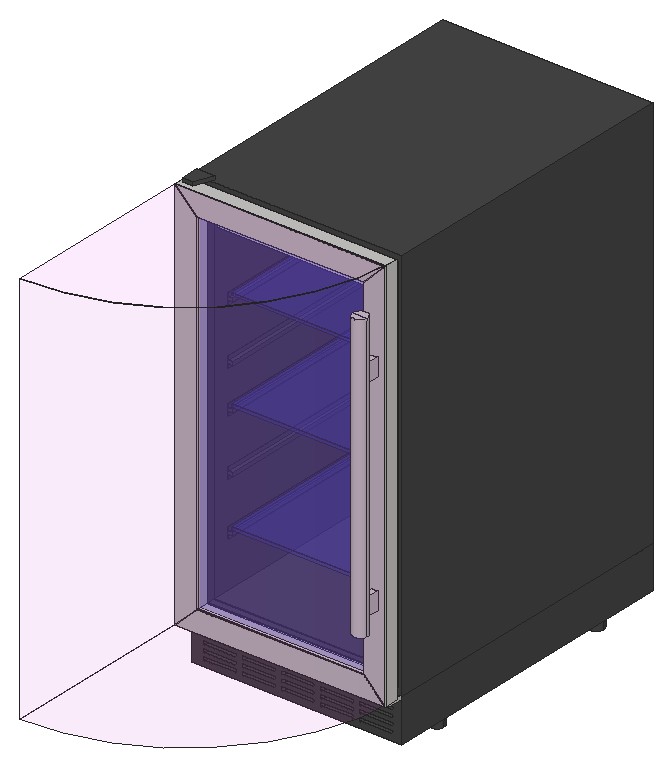
Revit family "QF_Summit_ALBV15_Built_In_Undercounter_Beverage_Cooler", category Specialty Equipment, Revit 2020
Family settings
  Round Connector Dimension = Use Diameter
  Part Type = Normal
  Work Plane-Based = No
  Always vertical = Yes
  Cut with Voids When Loaded = No
  Shared = No
  Room Calculation Point = No
Parameters
  Weight in Pounds = 68
  Watts = Volts * FL Amps  # 115 W
  Volts = 115 V
  URL Cutsheet = ""
  Specification by User = ""
  Specification by Manufacturer = ""
  Show RHD [instance] = not(Show LHD)  # yes
  Show LHD [instance] = no
  Show Clearance [instance] = yes
  Serial Number = ""
  Seismic Rating = ""
  SMACNA No = ""
  Revision Code = ""
  Refrigerant Volume = 0.00 kip
  Refrigerant Type = "R600a"
  Phase = 1
  Number of Poles = 1
  NAFEM Spec ID Number = ""
  Model = "ALBV15"
  Min Ckt Ampacity = 0 A
  Max Overcurrent Protection = 0 A
  Masterspec = ""
  Manufacturer = "Summit"
  Length = 14 3/4"
  Item Number = ""
  Installed By = ""
  Identify Quantity as Lot = yes
  Height = 31 1/2"
  HP = ""
  Furnished By = ""
  Foodservice Equipment Identifier = yes
  FL Amps = 1 A
  Electrical Remarks = ""
  Electric Connection Type = ""
  Elec Conn RI Height = 0"
  Elec Conn Connection Height = 0"
  Description = "Built In Undercounter Beverage Cooler"
  Depth = 23 1/2"
  Default Elevation = 0"
  Cycle = 60 Hz
  Conn Plug = ""
  Conn Conduit = yes
  CSI MasterFormat = ""
  BTUH = 0.0 Btu/h
  Apparent Power = 0 VA
Reference planes (in)
  plane 1 "BACK": y = 0
  plane 2: z = 0
  plane 3 "LEFT": x = 0
  plane 4 "RIGHT": x = 14.75
  plane 5 "FRONT": y = -23.5
  plane 6 "TOP": z = 31.5
  plane 7 "Center Y": x = 7.375
  plane 8 "Center X": y = -11.75
Dimensions and locks (in)
  equal spacing: plane 3 "LEFT", plane 7 "Center Y", plane 4 "RIGHT"
  "Length": plane 3 "LEFT" to plane 4 "RIGHT"
  equal spacing: plane 5 "FRONT", plane 8 "Center X", plane 1 "BACK"
  "Depth": plane 5 "FRONT" to plane 1 "BACK"
  "Height": plane 6 "TOP" to level
  aligned and locked: level to plane 2
Nested families (in)
  nested 1: "ALBV15" at (0, 0, 0), Show Clearance <- "Show Clearance", Show RHD <- "Show RHD", Show LHD <- "Show LHD", type "ALBV15"
    with Show RHD yes, Show LHD no, Show Clearance yes
Connectors (in)
  electrical at (11.75, 0.03125, 1.83046), driven by "Volts", driven by "Watts"
    settings: on nested 1, index 1, voltage 115 V, apparent load 115 VA, apparent load phase1 0 VA, apparent load phase2 0 VA, apparent load phase3 0 VA, power factor 1, load classification "Other", number of poles 1, system type 30, power factor state 1, is connector primary yes, connector utility no, sub classification motor no, connector description "ELECTRICAL CONNECTION"
Definition of nested family "ALBV15"
  Parameters (values of type "ALBV15")
    Weight in Pounds = 0
    URL Cutsheet = ""
    Specification by User = ""
    Specification by Manufacturer = ""
    Show RHD [instance] = yes
    Show LHD [instance] = yes
    Show Clearance [instance] = yes
    Serial Number = ""
    Seismic Rating = ""
    SMACNA No = ""
    Revision Code = ""
    NAFEM Spec ID Number = ""
    Masterspec = ""
    Length = 14 3/4"
    Item Number = ""
    Installed By = ""
    Identify Quantity as Lot = yes
    Height = 31 1/2"
    Furnished By = ""
    Foodservice Equipment Identifier = yes
    Depth = 23 1/2"
    Default Elevation = 0"
    CSI MasterFormat = ""
  Reference planes (in)
    plane 1 "BACK": y = 0
    plane 2: z = 0
    plane 3 "LEFT": x = 0
    plane 4 "RIGHT": x = 14.75
    plane 5 "FRONT": y = -23.5
    plane 6 "TOP": z = 31.5
    plane 7 "Center Y": x = 7.375
    plane 8 "Center X": y = -11.75
    plane 9: y = -37.13
  Forms (in)
    Extrusion 1, solid
      sketch origin (-10.61919, -180, 0.75) x (-1, 0, 0) y (0, -1, 0)
        loop
          line (-10.61919, -180) -> (-10.61919, -158) -> (-25.36919, -158) -> (-25.36919, -180) -> (-10.61919, -180)
      from 0 to 3
    Extrusion 2, solid
      sketch origin (-10.61919, -180, 3.75) x (-1, 0, 0) y (0, -1, 0)
        loop
          line (-10.61919, -180) -> (-10.61919, -158) -> (-25.36919, -158) -> (-25.36919, -180) -> (-10.61919, -180)
      from 0 to 27.75
    Extrusion 3, solid
      sketch origin (-2.3403, -180, 4.20581) x (-1, 0, 0) y (0, -1, 0)
        loop
          line (-2.66576, -158) -> (-2.66576, -157.5) -> (-16.76608, -157.5) -> (-16.76608, -158) -> (-2.66576, -158)
      from 0 to 26.83838
    Extrusion 4, solid
      sketch origin (-10.61919, -180, 3.75) x (0, -1, 0) y (-1, 0, 0)
        loop
          line (-157.5, -10.61919) -> (-157.5, -25.36919) -> (-156.57682, -25.36919) -> (-156.57682, -10.61919) -> (-157.5, -10.61919)
      from 0 to -27.75
    Extrusion 5, solid
      sketch origin (14.32547, -23.42318, 3.75) x (-1, 0, 0) y (0, 0, -1)
        loop
          line (14.32547, -27.75) -> (14.32547, 0) -> (12.82547, -1.5) -> (12.82547, -26.25) -> (14.32547, -27.75)
      from 0 to 0.07682
    Extrusion 6, solid
      sketch origin (14.32547, -23.42318, 3.75) x (-1, 0, 0) y (0, 0, -1)
        loop
          line (12.82547, -26.25) -> (1.07547, -26.25) -> (-0.42453, -27.75) -> (14.32547, -27.75) -> (12.82547, -26.25)
      from 0 to 0.07682
    Extrusion 7, solid
      sketch origin (14.32547, -23.42318, 3.75) x (-1, 0, 0) y (0, 0, -1)
        loop
          line (1.07547, -26.25) -> (1.07547, -1.5) -> (-0.42453, 0) -> (-0.42453, -27.75) -> (1.07547, -26.25)
      from 0 to 0.07682
    Extrusion 8, solid
      sketch origin (14.32547, -23.42318, 3.75) x (-1, 0, 0) y (0, 0, -1)
        loop
          line (12.82547, -1.5) -> (14.32547, 0) -> (-0.42453, 0) -> (1.07547, -1.5) -> (12.82547, -1.5)
      from 0 to 0.07682
    Extrusion 9, void
      sketch origin (0.32547, -22.5, 3.75) x (-1, 0, 0) y (0, 0, -1)
        loop
          line (-1.17453, -26.25) -> (-1.17453, -1.5) -> (-12.92453, -1.5) -> (-12.92453, -26.25) -> (-1.17453, -26.25)
      from 0 to 1
    Extrusion 10, void
      sketch origin (1.5, -23.42318, 5.25) x (0, 1, 0) y (1, 0, 0)
        loop
          line (0.92318, 0) -> (18.67318, 0)
          arc (18.67318, 0) -> (19.02674, 0.14645) -> (19.17318, 0.5) r 0.5
          line (19.17318, 0.5) -> (19.17318, 11.25)
          arc (19.17318, 11.25) -> (19.02674, 11.60355) -> (18.67318, 11.75) r 0.5
          line (18.67318, 11.75) -> (0.92318, 11.75) -> (0.92318, 0)
      from 0 to -24.75
    Extrusion 11, solid
      sketch origin (0, -21.76171, 33.60708) x (0, 0, 1) y (1, 0, 0)
        loop
          line (-3.73208, 1.5) -> (-3.73208, 13.25) -> (-5.04286, 13.25) -> (-5.04286, 1.5) -> (-3.73208, 1.5)
      from 0 to 0.5
    Extrusion 12, solid
      sketch origin (0, -20.80809, 37.71396) x (0, 0, 1) y (1, 0, 0)
        loop
          line (-13.64975, 1.5) -> (-13.64975, 1.625) -> (-13.89975, 1.625) -> (-13.89975, 1.875) -> (-14.14975, 1.875) -> (-14.14975, 1.625) -> (-14.39975, 1.625) -> (-14.39975, 1.5) -> (-13.64975, 1.5)
        loop
          line (-17.64975, 1.5) -> (-17.64975, 1.625) -> (-17.89975, 1.625) -> (-17.89975, 1.875) -> (-18.14975, 1.875) -> (-18.14975, 1.625) -> (-18.39975, 1.625) -> (-18.39975, 1.5) -> (-17.64975, 1.5)
        loop
          line (-20.64975, 1.5) -> (-20.64975, 1.625) -> (-20.89975, 1.625) -> (-20.89975, 1.875) -> (-21.14975, 1.875) -> (-21.14975, 1.625) -> (-21.39975, 1.625) -> (-21.39975, 1.5) -> (-20.64975, 1.5)
        loop
          line (-24.64975, 1.5) -> (-24.64975, 1.625) -> (-24.89975, 1.625) -> (-24.89975, 1.875) -> (-25.14975, 1.875) -> (-25.14975, 1.625) -> (-25.39975, 1.625) -> (-25.39975, 1.5) -> (-24.64975, 1.5)
        loop
          line (-28.39975, 1.5) -> (-28.39975, 1.625) -> (-28.64975, 1.625) -> (-28.64975, 1.875) -> (-28.89975, 1.875) -> (-28.89975, 1.625) -> (-29.14975, 1.625) -> (-29.14975, 1.5) -> (-28.39975, 1.5)
        loop
          line (-13.64975, 13.25) -> (-14.39975, 13.25) -> (-14.39975, 13.125) -> (-14.14975, 13.125) -> (-14.14975, 12.875) -> (-13.89975, 12.875) -> (-13.89975, 13.125) -> (-13.64975, 13.125) -> (-13.64975, 13.25)
        loop
          line (-17.64975, 13.25) -> (-18.39975, 13.25) -> (-18.39975, 13.125) -> (-18.14975, 13.125) -> (-18.14975, 12.875) -> (-17.89975, 12.875) -> (-17.89975, 13.125) -> (-17.64975, 13.125) -> (-17.64975, 13.25)
        loop
          line (-20.64975, 13.25) -> (-21.39975, 13.25) -> (-21.39975, 13.125) -> (-21.14975, 13.125) -> (-21.14975, 12.875) -> (-20.89975, 12.875) -> (-20.89975, 13.125) -> (-20.64975, 13.125) -> (-20.64975, 13.25)
        loop
          line (-24.64975, 13.25) -> (-25.39975, 13.25) -> (-25.39975, 13.125) -> (-25.14975, 13.125) -> (-25.14975, 12.875) -> (-24.89975, 12.875) -> (-24.89975, 13.125) -> (-24.64975, 13.125) -> (-24.64975, 13.25)
        loop
          line (-28.39975, 13.25) -> (-29.14975, 13.25) -> (-29.14975, 13.125) -> (-28.89975, 13.125) -> (-28.89975, 12.875) -> (-28.64975, 12.875) -> (-28.64975, 13.125) -> (-28.39975, 13.125) -> (-28.39975, 13.25)
      from 0 to 15.33182
    Extrusion 13, solid
      sketch origin (1.75, -20.80809, 23.81422) x (1, 0, 0) y (0, 1, 0)
        loop
          line (-0.03235, 15.17523) -> (-0.03235, 0.10765) -> (11.2774, 0.10765) -> (11.2774, 15.17523) -> (-0.03235, 15.17523)
      from 0 to 0.25
    Extrusion 14, solid
      sketch origin (1.75, -20.80809, 16.81422) x (1, 0, 0) y (0, 1, 0)
        loop
          line (-0.03235, 15.17523) -> (-0.03235, 0.10765) -> (11.2774, 0.10765) -> (11.2774, 15.17523) -> (-0.03235, 15.17523)
      from 0 to 0.25
    Extrusion 15, solid
      sketch origin (1.75, -20.80809, 9.06422) x (1, 0, 0) y (0, 1, 0)
        loop
          line (-0.03235, 15.17523) -> (-0.03235, 0.10765) -> (11.2774, 0.10765) -> (11.2774, 15.17523) -> (-0.03235, 15.17523)
      from 0 to 0.25
    Extrusion 16, solid
      sketch origin (13.25, -22.5, 5.25) x (-1, 0, 0) y (0, -1, 0)
        loop
          line (11.75, 0.21159) -> (11.75, 0.71159) -> (0, 0.71159) -> (0, 0.21159) -> (11.75, 0.21159)
      from 0 to 24.75
    Extrusion 17, solid
      sketch origin (0, 0, 0.75) x (1, 0, 0) y (0, 0, -1)
        loop
          circle (11.75, -1.08046) r 0.25
      from 0 to 0.03125
    Extrusion 18, solid, visible <- "Show LHD"
      sketch origin (14.32547, -23.5, 3.75) x (-1, 0, 0) y (0, 0, -1)
        loop
          line (13.7802, -21.85286) -> (13.7802, -20.60286) -> (13.37074, -20.60286) -> (13.37074, -21.85286) -> (13.7802, -21.85286)
        loop
          line (13.7802, -5.89714) -> (13.37074, -5.89714) -> (13.37074, -7.14714) -> (13.7802, -7.14714) -> (13.7802, -5.89714)
      from 0 to 1.25427
    Revolve 19, solid, visible <- "Show LHD"
      sketch origin (0.54527, -24.75, 48) x (-1, 0, 0) y (0, 0, 1)
        loop
          line (-0.20473, -39.31621) -> (-0.20473, -19.31621) -> (-0.70473, -19.31621) -> (-0.70473, -39.31621) -> (-0.20473, -39.31621)
        axis (-0.20473, -19.31621) -> (-0.20473, -39.31621)
      angle from 0 to 360
    Extrusion 20, solid, visible <- "Show LHD"
      sketch origin (-10.61919, -180, 31.5) x (-1, 0, 0) y (0, -1, 0)
        loop
          line (-25.24762, -158.2341) -> (-23.94108, -158.2341) -> (-24.49762, -156.9841) -> (-25.24762, -156.9841) -> (-25.24762, -158.2341)
      from 0 to 0.25
    Extrusion 21, solid
      sketch origin (-10.61919, -180, 3.75) x (0, 1, 0) y (1, 0, 0)
        loop
          line (158.2341, 25.24762) -> (156.9841, 25.24762) -> (156.9841, 24.49762) -> (158.2341, 23.94108) -> (158.2341, 25.24762)
      from 0 to 0.25
    Revolve 22, solid
      sketch origin (0, -18, 0) x (1, 0, 0) y (0, 0, 1)
        loop
          line (0.75, 0.75) -> (0.75, 0) -> (1.25, 0) -> (1.25, 0.5) -> (1, 0.5) -> (1, 0.75) -> (0.75, 0.75)
        axis (0.75, 0.75) -> (0.75, 0)
      angle from 0 to 360
    Revolve 23, solid
      sketch origin (14.75, -18, 0) x (-1, 0, 0) y (0, 0, 1)
        loop
          line (0.75, 0.75) -> (0.75, 0) -> (1.25, 0) -> (1.25, 0.5) -> (1, 0.5) -> (1, 0.75) -> (0.75, 0.75)
        axis (0.75, 0.75) -> (0.75, 0)
      angle from 0 to 360
    Revolve 24, solid
      sketch origin (0, -4, 0) x (1, 0, 0) y (0, 0, 1)
        loop
          line (0.75, 0.75) -> (0.75, 0) -> (1.25, 0) -> (1.25, 0.5) -> (1, 0.5) -> (1, 0.75) -> (0.75, 0.75)
        axis (0.75, 0.75) -> (0.75, 0)
      angle from 0 to 360
    Revolve 25, solid
      sketch origin (14.75, -4, 0) x (-1, 0, 0) y (0, 0, 1)
        loop
          line (0.75, 0.75) -> (0.75, 0) -> (1.25, 0) -> (1.25, 0.5) -> (1, 0.5) -> (1, 0.75) -> (0.75, 0.75)
        axis (0.75, 0.75) -> (0.75, 0)
      angle from 0 to 360
    Extrusion 26, solid, visible <- "Show LHD"
      sketch origin (-10.61919, -180, 3.75) x (1, 0, 0) y (0, -1, 0)
        loop
          line (25.36919, -157.5) -> (25.36919, -142.87)
          arc (25.36919, -142.87) -> (14.98156, -147.14766) -> (10.61919, -157.5) r 14.75
          line (10.61919, -157.5) -> (25.36919, -157.5)
      from 0 to -27.75
    Extrusion 27, void
      sketch origin (14.75, -22, 0.75) x (1, 0, 0) y (0, 0, -1)
        loop
          line (-13.84453, -2.67099) -> (-11.73224, -2.67099)
          arc (-11.73224, -2.67099) -> (-11.60724, -2.54599) -> (-11.73224, -2.42099) r 0.125
          line (-11.73224, -2.42099) -> (-13.84453, -2.42099)
          arc (-13.84453, -2.42099) -> (-13.96953, -2.54599) -> (-13.84453, -2.67099) r 0.125
        loop
          line (-13.84453, -2.17099) -> (-11.73224, -2.17099)
          arc (-11.73224, -2.17099) -> (-11.60724, -2.04599) -> (-11.73224, -1.92099) r 0.125
          line (-11.73224, -1.92099) -> (-13.84453, -1.92099)
          arc (-13.84453, -1.92099) -> (-13.96953, -2.04599) -> (-13.84453, -2.17099) r 0.125
        loop
          line (-13.84453, -1.67099) -> (-11.73224, -1.67099)
          arc (-11.73224, -1.67099) -> (-11.60724, -1.54599) -> (-11.73224, -1.42099) r 0.125
          line (-11.73224, -1.42099) -> (-13.84453, -1.42099)
          arc (-13.84453, -1.42099) -> (-13.96953, -1.54599) -> (-13.84453, -1.67099) r 0.125
        loop
          line (-13.84453, -1.17099) -> (-11.73224, -1.17099)
          arc (-11.73224, -1.17099) -> (-11.60724, -1.04599) -> (-11.73224, -0.92099) r 0.125
          line (-11.73224, -0.92099) -> (-13.84453, -0.92099)
          arc (-13.84453, -0.92099) -> (-13.96953, -1.04599) -> (-13.84453, -1.17099) r 0.125
        loop
          line (-13.84453, -0.67099) -> (-11.73224, -0.67099)
          arc (-11.73224, -0.67099) -> (-11.60724, -0.54599) -> (-11.73224, -0.42099) r 0.125
          line (-11.73224, -0.42099) -> (-13.84453, -0.42099)
          arc (-13.84453, -0.42099) -> (-13.96953, -0.54599) -> (-13.84453, -0.67099) r 0.125
        loop
          line (-11.09453, -2.67099) -> (-8.98224, -2.67099)
          arc (-8.98224, -2.67099) -> (-8.85724, -2.54599) -> (-8.98224, -2.42099) r 0.125
          line (-8.98224, -2.42099) -> (-11.09453, -2.42099)
          arc (-11.09453, -2.42099) -> (-11.21953, -2.54599) -> (-11.09453, -2.67099) r 0.125
        loop
          line (-11.09453, -2.17099) -> (-8.98224, -2.17099)
          arc (-8.98224, -2.17099) -> (-8.85724, -2.04599) -> (-8.98224, -1.92099) r 0.125
          line (-8.98224, -1.92099) -> (-11.09453, -1.92099)
          arc (-11.09453, -1.92099) -> (-11.21953, -2.04599) -> (-11.09453, -2.17099) r 0.125
        loop
          line (-11.09453, -1.67099) -> (-8.98224, -1.67099)
          arc (-8.98224, -1.67099) -> (-8.85724, -1.54599) -> (-8.98224, -1.42099) r 0.125
          line (-8.98224, -1.42099) -> (-11.09453, -1.42099)
          arc (-11.09453, -1.42099) -> (-11.21953, -1.54599) -> (-11.09453, -1.67099) r 0.125
        loop
          line (-11.09453, -1.17099) -> (-8.98224, -1.17099)
          arc (-8.98224, -1.17099) -> (-8.85724, -1.04599) -> (-8.98224, -0.92099) r 0.125
          line (-8.98224, -0.92099) -> (-11.09453, -0.92099)
          arc (-11.09453, -0.92099) -> (-11.21953, -1.04599) -> (-11.09453, -1.17099) r 0.125
        loop
          line (-11.09453, -0.67099) -> (-8.98224, -0.67099)
          arc (-8.98224, -0.67099) -> (-8.85724, -0.54599) -> (-8.98224, -0.42099) r 0.125
          line (-8.98224, -0.42099) -> (-11.09453, -0.42099)
          arc (-11.09453, -0.42099) -> (-11.21953, -0.54599) -> (-11.09453, -0.67099) r 0.125
        loop
          line (-8.34453, -2.67099) -> (-6.23224, -2.67099)
          arc (-6.23224, -2.67099) -> (-6.10724, -2.54599) -> (-6.23224, -2.42099) r 0.125
          line (-6.23224, -2.42099) -> (-8.34453, -2.42099)
          arc (-8.34453, -2.42099) -> (-8.46953, -2.54599) -> (-8.34453, -2.67099) r 0.125
        loop
          line (-8.34453, -2.17099) -> (-6.23224, -2.17099)
          arc (-6.23224, -2.17099) -> (-6.10724, -2.04599) -> (-6.23224, -1.92099) r 0.125
          line (-6.23224, -1.92099) -> (-8.34453, -1.92099)
          arc (-8.34453, -1.92099) -> (-8.46953, -2.04599) -> (-8.34453, -2.17099) r 0.125
        loop
          line (-8.34453, -1.67099) -> (-6.23224, -1.67099)
          arc (-6.23224, -1.67099) -> (-6.10724, -1.54599) -> (-6.23224, -1.42099) r 0.125
          line (-6.23224, -1.42099) -> (-8.34453, -1.42099)
          arc (-8.34453, -1.42099) -> (-8.46953, -1.54599) -> (-8.34453, -1.67099) r 0.125
        loop
          line (-8.34453, -1.17099) -> (-6.23224, -1.17099)
          arc (-6.23224, -1.17099) -> (-6.10724, -1.04599) -> (-6.23224, -0.92099) r 0.125
          line (-6.23224, -0.92099) -> (-8.34453, -0.92099)
          arc (-8.34453, -0.92099) -> (-8.46953, -1.04599) -> (-8.34453, -1.17099) r 0.125
        loop
          line (-8.34453, -0.67099) -> (-6.23224, -0.67099)
          arc (-6.23224, -0.67099) -> (-6.10724, -0.54599) -> (-6.23224, -0.42099) r 0.125
          line (-6.23224, -0.42099) -> (-8.34453, -0.42099)
          arc (-8.34453, -0.42099) -> (-8.46953, -0.54599) -> (-8.34453, -0.67099) r 0.125
        loop
          line (-5.59453, -2.67099) -> (-3.48224, -2.67099)
          arc (-3.48224, -2.67099) -> (-3.35724, -2.54599) -> (-3.48224, -2.42099) r 0.125
          line (-3.48224, -2.42099) -> (-5.59453, -2.42099)
          arc (-5.59453, -2.42099) -> (-5.71953, -2.54599) -> (-5.59453, -2.67099) r 0.125
        loop
          line (-5.59453, -2.17099) -> (-3.48224, -2.17099)
          arc (-3.48224, -2.17099) -> (-3.35724, -2.04599) -> (-3.48224, -1.92099) r 0.125
          line (-3.48224, -1.92099) -> (-5.59453, -1.92099)
          arc (-5.59453, -1.92099) -> (-5.71953, -2.04599) -> (-5.59453, -2.17099) r 0.125
        loop
          line (-5.59453, -1.67099) -> (-3.48224, -1.67099)
          arc (-3.48224, -1.67099) -> (-3.35724, -1.54599) -> (-3.48224, -1.42099) r 0.125
          line (-3.48224, -1.42099) -> (-5.59453, -1.42099)
          arc (-5.59453, -1.42099) -> (-5.71953, -1.54599) -> (-5.59453, -1.67099) r 0.125
        loop
          line (-5.59453, -1.17099) -> (-3.48224, -1.17099)
          arc (-3.48224, -1.17099) -> (-3.35724, -1.04599) -> (-3.48224, -0.92099) r 0.125
          line (-3.48224, -0.92099) -> (-5.59453, -0.92099)
          arc (-5.59453, -0.92099) -> (-5.71953, -1.04599) -> (-5.59453, -1.17099) r 0.125
        loop
          line (-5.59453, -0.67099) -> (-3.48224, -0.67099)
          arc (-3.48224, -0.67099) -> (-3.35724, -0.54599) -> (-3.48224, -0.42099) r 0.125
          line (-3.48224, -0.42099) -> (-5.59453, -0.42099)
          arc (-5.59453, -0.42099) -> (-5.71953, -0.54599) -> (-5.59453, -0.67099) r 0.125
        loop
          line (-2.84453, -2.67099) -> (-0.73224, -2.67099)
          arc (-0.73224, -2.67099) -> (-0.60724, -2.54599) -> (-0.73224, -2.42099) r 0.125
          line (-0.73224, -2.42099) -> (-2.84453, -2.42099)
          arc (-2.84453, -2.42099) -> (-2.96953, -2.54599) -> (-2.84453, -2.67099) r 0.125
        loop
          line (-2.84453, -2.17099) -> (-0.73224, -2.17099)
          arc (-0.73224, -2.17099) -> (-0.60724, -2.04599) -> (-0.73224, -1.92099) r 0.125
          line (-0.73224, -1.92099) -> (-2.84453, -1.92099)
          arc (-2.84453, -1.92099) -> (-2.96953, -2.04599) -> (-2.84453, -2.17099) r 0.125
        loop
          line (-2.84453, -1.67099) -> (-0.73224, -1.67099)
          arc (-0.73224, -1.67099) -> (-0.60724, -1.54599) -> (-0.73224, -1.42099) r 0.125
          line (-0.73224, -1.42099) -> (-2.84453, -1.42099)
          arc (-2.84453, -1.42099) -> (-2.96953, -1.54599) -> (-2.84453, -1.67099) r 0.125
        loop
          line (-2.84453, -1.17099) -> (-0.73224, -1.17099)
          arc (-0.73224, -1.17099) -> (-0.60724, -1.04599) -> (-0.73224, -0.92099) r 0.125
          line (-0.73224, -0.92099) -> (-2.84453, -0.92099)
          arc (-2.84453, -0.92099) -> (-2.96953, -1.04599) -> (-2.84453, -1.17099) r 0.125
        loop
          line (-2.84453, -0.67099) -> (-0.73224, -0.67099)
          arc (-0.73224, -0.67099) -> (-0.60724, -0.54599) -> (-0.73224, -0.42099) r 0.125
          line (-0.73224, -0.42099) -> (-2.84453, -0.42099)
          arc (-2.84453, -0.42099) -> (-2.96953, -0.54599) -> (-2.84453, -0.67099) r 0.125
      from 0 to 0.59169
    Extrusion 28, solid, visible <- "Show RHD"
      sketch origin (0.42453, -23.5, 3.75) x (1, 0, 0) y (0, 0, 1)
        loop
          line (13.7802, 21.85286) -> (13.37074, 21.85286) -> (13.37074, 20.60286) -> (13.7802, 20.60286) -> (13.7802, 21.85286)
        loop
          line (13.7802, 5.89714) -> (13.7802, 7.14714) -> (13.37074, 7.14714) -> (13.37074, 5.89714) -> (13.7802, 5.89714)
      from 0 to 1.25427
    Revolve 29, solid, visible <- "Show RHD"
      sketch origin (14.20473, -24.75, 48) x (1, 0, 0) y (0, 0, -1)
        loop
          line (-0.20473, 39.31621) -> (-0.70473, 39.31621) -> (-0.70473, 19.31621) -> (-0.20473, 19.31621) -> (-0.20473, 39.31621)
        axis (-0.20473, 19.31621) -> (-0.20473, 39.31621)
      angle from 0 to 360
    Extrusion 30, solid, visible <- "Show RHD"
      sketch origin (25.36919, -180, 3.75) x (1, 0, 0) y (0, -1, 0)
        loop
          line (-25.36919, -157.5) -> (-10.61919, -157.5)
          arc (-10.61919, -157.5) -> (-14.98156, -147.14766) -> (-25.36919, -142.87) r 14.75
          line (-25.36919, -142.87) -> (-25.36919, -157.5)
      from 0 to -27.75
    Extrusion 31, solid, visible <- "Show RHD"
      sketch origin (25.36919, -180, 31.5) x (1, 0, 0) y (0, 1, 0)
        loop
          line (-25.24762, 158.2341) -> (-25.24762, 156.9841) -> (-24.49762, 156.9841) -> (-23.94108, 158.2341) -> (-25.24762, 158.2341)
      from 0 to 0.25
  Cuts and joins
    Extrusion 9, Extrusion 10 cuts Extrusion 2
    Extrusion 9, Extrusion 10 cuts Extrusion 4
    Extrusion 10, Extrusion 27 cuts Extrusion 1
    Extrusion 27 cuts Extrusion 21
    joined: Extrusion 1, Extrusion 21
    Extrusion 10 cuts Extrusion 3
    joined: Extrusion 18, Revolve 19
    Extrusion 27 cuts Extrusion 17
  Lines and regions (in)
    symbolic lines, visible <- "Show LHD"
      curve 1: arc (0.25, -24.75, 0) -> (0.75, -24.25, 0) -> (1.25, -24.75, 0) r 0.5
      curve 2: arc (1.25, -24.75, 0) -> (0.75, -25.25, 0) -> (0.25, -24.75, 0) r 0.5
      curve 3: line (0.95473, -24.29383, 0) -> (0.95473, -23.5, 0)
      curve 4: line (0.54527, -23.5, 0) -> (0.54527, -24.29383, 0)
      curve 11: line (14.75, -22.5, 0) -> (14.62843, -22.5, 0)
      curve 12: line (0.32547, -22, 0) -> (0.32547, -22.5, 0)
      curve 13: line (0, -22, 0) -> (13.42612, -22, 0)
      curve 17: line (13.64873, -22.5, 0) -> (0, -22.5, 0)
      curve 18: line (14.62843, -22, 0) -> (14.75, -22, 0)
      curve 19: line (14.62843, -21.7659, 0) -> (13.32189, -21.7659, 0)
      curve 20: line (13.32189, -21.7659, 0) -> (13.87843, -23.0159, 0)
      curve 21: line (14.62843, -23.0159, 0) -> (14.62843, -21.7659, 0)
      curve 22: line (13.87843, -23.0159, 0) -> (14.62843, -23.0159, 0)
      curve 23: arc (2.02804, -29.84503, 0) -> (0.53153, -26.30574, 0) -> (0, -22.5, 0) r 14.75
      curve 24: line (14.75, -22.5, 0) -> (2.02804, -29.84503, 0)
    symbolic lines
      curve 5: line (0, -23.5, 0) -> (14.75, -23.5, 0)
      curve 6: line (0, -23.42318, 0) -> (14.75, -23.42318, 0)
      curve 7: line (0, -23.42318, 0) -> (0, -23.5, 0)
      curve 8: line (0, -22.5, 0) -> (0, -23.42318, 0)
      curve 9: line (14.75, -23.5, 0) -> (14.75, -23.42318, 0)
      curve 10: line (14.75, -23.42318, 0) -> (14.75, -22.5, 0)
      curve 14: line (0, 0, 0) -> (0, -22, 0)
      curve 15: line (14.75, -22, 0) -> (14.75, 0, 0)
      curve 16: line (14.75, 0, 0) -> (0, 0, 0)
    symbolic lines, visible <- "Show RHD"
      curve 25: arc (14.5, -24.75, 0) -> (14, -24.25, 0) -> (13.5, -24.75, 0) r 0.5
      curve 26: arc (13.5, -24.75, 0) -> (14, -25.25, 0) -> (14.5, -24.75, 0) r 0.5
      curve 27: line (13.79527, -24.29383, 0) -> (13.79527, -23.5, 0)
      curve 28: line (14.20473, -23.5, 0) -> (14.20473, -24.29383, 0)
      curve 29: arc (12.72196, -29.84503, 0) -> (14.21847, -26.30574, 0) -> (14.75, -22.5, 0) r 14.75
      curve 30: line (0, -22.5, 0) -> (12.72196, -29.84503, 0)
      curve 31: line (0, -22.5, 0) -> (0.12157, -22.5, 0)
      curve 32: line (14.42453, -22, 0) -> (14.42453, -22.5, 0)
      curve 33: line (14.75, -22, 0) -> (1.32388, -22, 0)
      curve 34: line (1.10127, -22.5, 0) -> (14.75, -22.5, 0)
      curve 35: line (0.12157, -22, 0) -> (0, -22, 0)
      curve 36: line (0.12157, -21.7659, 0) -> (1.42811, -21.7659, 0)
      curve 37: line (1.42811, -21.7659, 0) -> (0.87157, -23.0159, 0)
      curve 38: line (0.12157, -23.0159, 0) -> (0.12157, -21.7659, 0)
      curve 39: line (0.87157, -23.0159, 0) -> (0.12157, -23.0159, 0)
  Dimensions and locks (in)
    equal spacing: plane 3 "LEFT", plane 7 "Center Y", plane 4 "RIGHT"
    "Length": plane 3 "LEFT" to plane 4 "RIGHT"
    equal spacing: plane 5 "FRONT", plane 8 "Center X", plane 1 "BACK"
    "Depth": plane 5 "FRONT" to plane 1 "BACK"
    "Height": plane 6 "TOP" to level
    plane 1 "BACK" to plane 9 = 37.13"
    aligned and locked: level to plane 2
  Automatic sketch dimensions
    plane 1 "BACK" to Extrusion 1 sketch curve = 0"
    Extrusion 1 sketch curve to plane 4 "RIGHT" = 0"
    Extrusion 1 sketch curve to plane 3 "LEFT" = 0"
    Extrusion 1 sketch curve to plane 5 "FRONT" = 1 1/2"
    Extrusion 2 sketch curve to Extrusion 1 = 0"  (x4)
    plane 4 "RIGHT" to Extrusion 3 sketch curve = 83/256"
    plane 3 "LEFT" to Extrusion 3 sketch curve = 0.32547"
    Extrusion 3 sketch curve to plane 5 "FRONT" = 1 1/2"
    Extrusion 3 sketch curve to Extrusion 3 sketch curve = 1/2"
    Extrusion 4 sketch curve to Extrusion 2 = 0"  (x2)
    Extrusion 4 sketch curve to Extrusion 2 = 1/2"
    Extrusion 4 sketch curve to Extrusion 4 sketch curve = 0.92318"
    Extrusion 5 sketch curve to Extrusion 4 = 0"  (x3)
    Extrusion 4 to Extrusion 5 sketch curve = 1 1/2"  (x3)
    Extrusion 6 sketch curve to Extrusion 4 = 0"  (x3)
    Extrusion 6 sketch curve to Extrusion 4 = 1 1/2"
    Extrusion 4 to Extrusion 6 sketch curve = 1 1/2"  (x2)
    Extrusion 7 sketch curve to Extrusion 4 = 0"  (x3)
    Extrusion 7 sketch curve to Extrusion 4 = 1 1/2"
    Extrusion 4 to Extrusion 7 sketch curve = 1 1/2"  (x2)
    Extrusion 8 sketch curve to Extrusion 4 = 0"  (x3)
    Extrusion 8 sketch curve to Extrusion 4 = 1 1/2"
    Extrusion 4 to Extrusion 8 sketch curve = 1 1/2"  (x2)
    Extrusion 4 to Extrusion 9 sketch curve = 1 1/2"  (x2)
    Extrusion 9 sketch curve to Extrusion 4 = 1 1/2"  (x2)
    Extrusion 10 sketch curve to Extrusion 8 = 0"  (x2)
    Extrusion 10 sketch curve to Extrusion 8 = 0.92318"
    Extrusion 10 sketch curve to Extrusion 10 sketch curve = 17 3/4"
    Extrusion 10 sketch curve to Extrusion 10 sketch curve = 0"
    Extrusion 10 sketch curve to Extrusion 10 sketch curve = 1/2"
    Extrusion 11 sketch curve to plane 6 "TOP" = 2.93578"
    Extrusion 11 sketch curve to Extrusion 11 sketch curve = 1.31078"
    plane 3 "LEFT" to Extrusion 11 sketch curve = 1 1/2"
    plane 4 "RIGHT" to Extrusion 11 sketch curve = 1 1/2"
    plane 4 "RIGHT" to Extrusion 12 sketch curve = 1 1/2"  (x3)
    level to Extrusion 12 sketch curve = 8.56422"  (x2)
    plane 3 "LEFT" to Extrusion 12 sketch curve = 1 1/2"  (x5)
    Extrusion 12 sketch curve to Extrusion 12 sketch curve = 1/4"  (x40)
    Extrusion 12 sketch curve to Extrusion 12 sketch curve = 3"  (x2)
    Extrusion 12 sketch curve to Extrusion 12 sketch curve = 3 1/4"  (x4)
    plane 4 "RIGHT" to Extrusion 12 sketch curve = 1 5/8"
    Extrusion 12 sketch curve to Extrusion 12 sketch curve = 2 1/4"  (x2)
    Extrusion 12 sketch curve to Extrusion 12 sketch curve = 1/8"  (x14)
    Extrusion 12 sketch curve to Extrusion 12 sketch curve = 0"  (x3)
    Extrusion 12 sketch curve to Extrusion 12 sketch curve = 3/8"  (x3)
    plane 4 "RIGHT" to Extrusion 12 sketch curve = 1 7/8"
    Extrusion 13 sketch curve to Extrusion 12 = 0.09265"
    Extrusion 12 to Extrusion 13 sketch curve = 0.10765"
    Extrusion 13 sketch curve to Extrusion 12 = 11.1524"
    Extrusion 12 to Extrusion 13 sketch curve = 0.15658"
    Extrusion 14 sketch curve to Extrusion 12 = 0.09265"
    Extrusion 12 to Extrusion 14 sketch curve = 0.10765"
    Extrusion 14 sketch curve to Extrusion 12 = 11.1524"
    Extrusion 12 to Extrusion 14 sketch curve = 0.15658"
    Extrusion 15 sketch curve to Extrusion 12 = 0.09265"
    Extrusion 12 to Extrusion 15 sketch curve = 0.10765"
    Extrusion 15 sketch curve to Extrusion 12 = 11.1524"
    Extrusion 12 to Extrusion 15 sketch curve = 0.15658"
    Extrusion 16 sketch curve to Extrusion 9 = 0"  (x2)
    Extrusion 9 to Extrusion 16 sketch curve = 0.21159"
    Extrusion 9 to Extrusion 16 sketch curve = 0.28841"
    Extrusion 1 to Extrusion 17 sketch curve = 1.08046"
    Extrusion 17 sketch curve to Extrusion 1 = 3"
    Extrusion 18 sketch curve to Extrusion 5 = 0.54527"  (x2)
    Extrusion 18 sketch curve to Extrusion 18 sketch curve = 0.40946"  (x2)
    Extrusion 18 sketch curve to Extrusion 5 = 3.49482"
    Extrusion 18 sketch curve to Extrusion 18 sketch curve = 1 1/4"  (x2)
    Extrusion 18 sketch curve to Extrusion 18 sketch curve = 13.45571"
    plane 3 "LEFT" to Revolve 19 sketch curve = 1 1/4"
    Revolve 19 sketch curve to Revolve 19 sketch curve = 1/2"
    level to Revolve 19 sketch curve = 8.68379"
    Revolve 19 sketch curve to plane 6 "TOP" = 2.81621"
    Revolve 19 sketch curve to Revolve 19 sketch curve = 0"  (x2)
    Revolve 19 sketch curve to Revolve 19 sketch curve = 1 1/4"
    Extrusion 20 sketch curve to Extrusion 2 = 0.12157"
    Extrusion 20 sketch curve to Extrusion 20 sketch curve = 3/4"
    Extrusion 20 sketch curve to Extrusion 2 = 0.2341"
    Extrusion 20 sketch curve to Extrusion 20 sketch curve = 1.30654"
    Extrusion 2 to Extrusion 20 sketch curve = 1.0159"
    plane 4 "RIGHT" to Extrusion 21 sketch curve = 0.12157"
    Extrusion 21 sketch curve to plane 5 "FRONT" = 0.4841"
    Extrusion 21 sketch curve to Extrusion 21 sketch curve = 1 1/4"
    Extrusion 21 sketch curve to Extrusion 21 sketch curve = 3/4"
    Extrusion 21 sketch curve to Extrusion 21 sketch curve = 1.30654"
    Revolve 22 sketch curve to level = 0"
    plane 3 "LEFT" to Revolve 22 sketch curve = 3/4"
    Revolve 22 sketch curve to Revolve 22 sketch curve = 1/4"  (x2)
    Revolve 22 sketch curve to Revolve 22 sketch curve = 1/2"
    level to Revolve 22 sketch curve = 1/2"
    Revolve 22 sketch curve to Revolve 22 sketch curve = 0"  (x2)
    Revolve 22 sketch curve to Revolve 22 sketch curve = 1/8"
    Revolve 23 sketch curve to level = 0"
    Revolve 23 sketch curve to plane 4 "RIGHT" = 3/4"
    Revolve 23 sketch curve to Revolve 23 sketch curve = 1/4"  (x2)
    Revolve 23 sketch curve to Revolve 23 sketch curve = 1/2"
    Revolve 23 sketch curve to level = 1/2"
    Revolve 23 sketch curve to Revolve 23 sketch curve = 0"  (x2)
    Revolve 23 sketch curve to Revolve 23 sketch curve = 1/8"
    Revolve 24 sketch curve to level = 0"
    plane 3 "LEFT" to Revolve 24 sketch curve = 3/4"
    Revolve 24 sketch curve to Revolve 24 sketch curve = 1/4"  (x2)
    Revolve 24 sketch curve to Revolve 24 sketch curve = 1/2"
    level to Revolve 24 sketch curve = 1/2"
    Revolve 24 sketch curve to Revolve 24 sketch curve = 0"  (x2)
    Revolve 24 sketch curve to Revolve 24 sketch curve = 1/8"
    Revolve 25 sketch curve to level = 0"
    Revolve 25 sketch curve to plane 4 "RIGHT" = 3/4"
    Revolve 25 sketch curve to Revolve 25 sketch curve = 1/4"  (x2)
    Revolve 25 sketch curve to Revolve 25 sketch curve = 1/2"
    Revolve 25 sketch curve to level = 1/2"
    Revolve 25 sketch curve to Revolve 25 sketch curve = 0"  (x2)
    Revolve 25 sketch curve to Revolve 25 sketch curve = 1/8"
    Extrusion 26 sketch curve to Extrusion 4 = 0"  (x2)
    Extrusion 4 to Extrusion 26 sketch curve = 0.00049"
    Extrusion 26 sketch curve to Extrusion 4 = 13.70682"
    Extrusion 4 to Extrusion 26 sketch curve = 0"
    Extrusion 27 sketch curve to Extrusion 1 = 0.32901"  (x5)
    Extrusion 27 sketch curve to Extrusion 1 = 0.90547"  (x2)
    Extrusion 27 sketch curve to Extrusion 27 sketch curve = 0"  (x35)
    Extrusion 27 sketch curve to Extrusion 27 sketch curve = 2.11229"  (x4)
    Extrusion 27 sketch curve to Extrusion 27 sketch curve = 0.63771"  (x8)
    Extrusion 1 to Extrusion 27 sketch curve = 0.73224"
    Extrusion 27 sketch curve to Extrusion 27 sketch curve = 1/8"  (x25)
    Extrusion 27 sketch curve to Extrusion 27 sketch curve = 1/4"  (x20)
    Extrusion 5 to Extrusion 28 sketch curve = 12.29527"  (x2)
    Extrusion 28 sketch curve to Extrusion 28 sketch curve = 0.40946"  (x2)
    Extrusion 5 to Extrusion 28 sketch curve = 5.58482"
    Extrusion 28 sketch curve to Extrusion 28 sketch curve = 1 1/4"  (x2)
    Extrusion 28 sketch curve to Extrusion 28 sketch curve = 13.45571"
    plane 4 "RIGHT" to Revolve 29 sketch curve = 1 1/4"
    Revolve 29 sketch curve to Revolve 29 sketch curve = 1/2"
    Revolve 29 sketch curve to plane 6 "TOP" = 2.81621"
    level to Revolve 29 sketch curve = 8.68379"
    Revolve 29 sketch curve to Revolve 29 sketch curve = 0"  (x2)
    Revolve 29 sketch curve to Revolve 29 sketch curve = 1 1/4"
    Extrusion 30 sketch curve to Extrusion 4 = 0"  (x2)
    Extrusion 4 to Extrusion 30 sketch curve = 0.00049"
    Extrusion 30 sketch curve to Extrusion 4 = 13.70682"
    Extrusion 4 to Extrusion 30 sketch curve = 0"
    Extrusion 31 sketch curve to Extrusion 2 = 0.12157"
    Extrusion 31 sketch curve to Extrusion 31 sketch curve = 3/4"
    Extrusion 31 sketch curve to Extrusion 2 = 0.2341"
    Extrusion 31 sketch curve to Extrusion 31 sketch curve = 1.30654"
    Extrusion 2 to Extrusion 31 sketch curve = 1.0159"
    curve 1 to curve 2 = 0"  (x2)
    curve 25 to curve 26 = 0"  (x2)
    curve 7 to plane 3 "LEFT" = 0"
    plane 1 "BACK" to curve 14 = 0"
    curve 14 to plane 3 "LEFT" = 0"
    plane 5 "FRONT" to curve 4 = 0"
    curve 9 to plane 4 "RIGHT" = 0"
    curve 33 to plane 4 "RIGHT" = 0"
    plane 3 "LEFT" to curve 29 = 0.00049"
    plane 3 "LEFT" to curve 38 = 0.12157"
    plane 3 "LEFT" to curve 1 = 3/4"
    curve 38 to curve 39 = 3/4"
    curve 36 to curve 37 = 1.30654"
    plane 3 "LEFT" to curve 24 = 2.02804"
    plane 4 "RIGHT" to curve 30 = 2.02804"
    plane 4 "RIGHT" to curve 19 = 1.42811"
    plane 4 "RIGHT" to curve 20 = 0.87157"
    plane 4 "RIGHT" to curve 26 = 3/4"
    plane 4 "RIGHT" to curve 19 = 0.12157"
    plane 4 "RIGHT" to curve 23 = 0.00049"
    plane 5 "FRONT" to curve 1 = 1 1/4"
    plane 5 "FRONT" to curve 25 = 1 1/4"
    curve 24 to curve 1 = 5.09503"
    curve 30 to curve 26 = 5.09503"
    curve 6 to plane 5 "FRONT" = 0.07682"
    curve 6 to curve 38 = 0.40728"
    curve 6 to curve 22 = 0.40728"
    curve 38 to curve 8 = 0.5159"
    curve 10 to curve 23 = 0.12"
    curve 29 to curve 14 = 0.38"
    curve 23 to curve 18 = 0.38"
    curve 33 to curve 37 = 0.2341"
    curve 13 to curve 19 = 0.2341"
    plane 3 "LEFT" to curve 1 = 1/4"
    curve 31 to curve 12 = 0.2039"
    curve 4 to curve 1 = 0.20473"
    curve 4 to curve 3 = 0.40946"
    curve 26 to curve 25 = 1/2"
    curve 27 to curve 25 = 0.20473"
    curve 27 to curve 28 = 0.40946"
    curve 32 to curve 18 = 0.2039"
    radius of Extrusion 17 sketch curve = 1/4"
